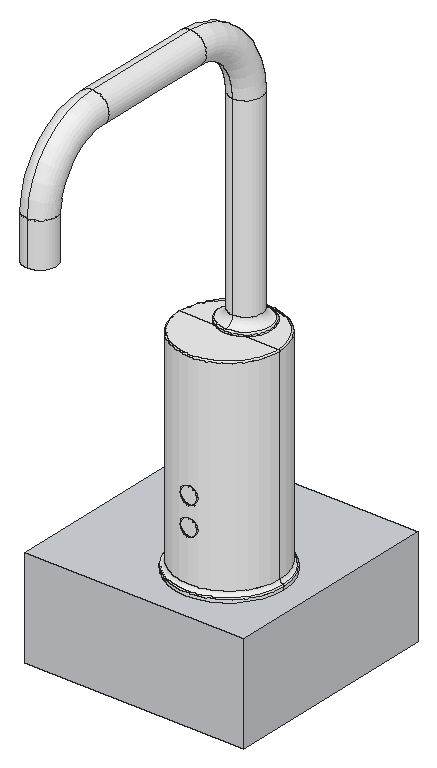
Revit family
Parameters (values of type "Chrome-Polished_Chrome-CP")
  Width = 0' - 2 5/8"
  WFU = 0
  URL = "http://www.us.kohler.com"
  Product Page URL = "http://www.us.kohler.com/onlinecatalog/detail.jsp?prod_num=13473"
  Product Documentation Link = "http://www.us.kohler.com/onlinecatalog/pdf/1108253_4.pdf"
  Model = "K-13473"  # constant formula
  Manufacturer = "Kohler"  # constant formula
  Length = 0' - 7 3/8"
  Installation = "Single-hole"  # constant formula
  Hot Water Radius = 3/16"
  Hot Water Diameter = Hot Water Radius * 2  # 3/8"
  Hot Water Connection = "Hot Water Connector"  # constant formula
  Height = 1' - 0 1/8"
  HWFU = 0
  HW Connection = yes
  Finish = Chrome-Kohler-CP-Polished
  Description = "Gooseneck Touchless deck-mount faucet"  # constant formula
  Default Elevation = 0' - 0"
  Created By = "http://medialab3dstudio.com/"
  Cold Water Radius = 3/16"
  Cold Water Diameter = Cold Water Radius * 2  # 3/8"
  Cold Water Connection = "Cold Water Connector"  # constant formula
  CWFU = 0
  CW Connection = yes
  Assembly Code = "D2010"
  ADA Compliant = yes
Types (3): name | Finish
  (no name) | Chrome-Kohler-CP-Polished
  Steel-Vibrant_Stainless-VS | Steel-Kohler-VS-Vibrant_Stainless
  Chrome-Polished_Chrome-CP | Chrome-Kohler-CP-Polished
Reference planes (in)
  plane 1 "Back": y = 0
  plane 2 "Bottom": z = 0
  plane 3 "Center (Left/Right)": x = 0
  plane 4 "Left": x = -1.3125
  plane 5 "Right": x = 1.3125
  plane 6 "Front of Base": y = -2.625
  plane 7 "Top of Spout": z = 5.13758
  plane 8: x = -1.21515
  plane 9: z = 0.19946
  plane 10: y = -0.20719
  plane 11: z = 5.41928
  plane 12: z = 5.19898
  plane 13: z = 11.74609
  plane 14: y = -6.99576
  plane 15: y = -0.81246
  plane 16: z = 5.41651
  plane 17: x = 1.39998
  plane 18: x = 1.65425
  plane 19 "Handle Right": x = 1.70461
  plane 20: x = 1.35021
  plane 21: x = 1.0625
  plane 22: z = 2.11506
  plane 23: x = 0
  plane 24: z = 2.11482
  plane 25: z = 1.42524
  plane 26: x = 0
  plane 27: z = 1.42308
  plane 28: x = 0
  plane 29: y = -2.44704
  plane 30: y = -2.52039
  plane 31 "Front": y = -7.375
  plane 32 "Top": z = 12.125
  plane 33: y = -0.81285
  plane 34: z = 0.0984
  plane 35: z = 5.19898
  plane 36: z = 2.24107
  plane 37: y = -1.34732
  plane 38: y = -1.10002
  plane 39: z = 0.0984
  plane 40: z = 5.19898
  plane 41: z = 2.24107
  plane 42: y = -1.34732
  plane 43: y = -1.10002
  plane 44: z = 9.14197
  plane 45: z = 11.36712
  plane 46: y = -0.43313
  plane 47: y = -1.19257
  plane 48: y = -6.61653
  plane 49: y = -0.09735
  plane 50: y = -2.5277
  plane 51: z = 0.0984
  plane 52: z = 0.19946
  plane 53: z = 5.1085
  plane 54: z = 5.16952
  plane 55: y = -0.19467
  plane 56: y = -1.43108
  plane 57: z = 5.41928
  plane 58: z = 10.11366
  plane 59: x = -0.49462
  plane 60: y = -1.3125
  plane 61: x = 0.49462
  plane 62: y = -1.3125
  plane 63: x = -0.37924
  plane 64: x = 0.37923
  plane 65: y = -6.99756
  plane 66: y = -2.56902
  plane 67: y = -2.56902
  plane 68: y = -1.30104
  plane 69: x = -0.37924
  plane 70: x = 0.37924
  plane 71: z = 11.74558
  plane 72: z = 5.16957
  plane 73: z = 5.10844
  plane 74: z = 0.19946
  plane 75: z = 0.07184
  plane 76: z = 5.41643
  plane 77: x = 0.59075
  plane 78: x = 0.61818
  plane 79: x = 1.18797
  plane 80: x = 1.21515
  plane 81: x = 1.29699
  plane 82: x = -0.59075
  plane 83: x = -0.61818
  plane 84: x = -1.18797
  plane 85: x = -1.21515
  plane 86: x = -1.29699
Forms (in)
  Extrusion 1, solid
    sketch origin (0, 0, 0) x (1, 0, 0) y (0, 1, 0)
      loop
        line (-3.38196, 2) -> (-3.38196, -3.24122) -> (1.88905, -3.24122) -> (1.88905, 2) -> (-3.38196, 2)
    from 0 to -2.36308
  Revolve 2, solid, material "Chrome-Kohler-CP-Polished" <- "Finish"
    sketch origin (0, -1.3125, 0) x (1, 0, 0) y (0, 0, 1)
      loop
        line (0, 0) -> (0, 5.13758) -> (-1.18617, 5.13758)
        arc (-1.18617, 5.13758) -> (-1.20666, 5.1291) -> (-1.21515, 5.10861) r 0.02898
        line (-1.21515, 5.10861) -> (-1.21515, 0.19946)
        arc (-1.21515, 0.19946) -> (-1.23864, 0.13482) -> (-1.29699, 0.0984) r 0.10547
        arc (-1.29699, 0.0984) -> (-1.30834, 0.08704) -> (-1.3125, 0.07153) r 0.03103
        line (-1.3125, 0.07153) -> (-1.3125, 0) -> (0, 0)
      axis (0, 5.13758) -> (0, 0)
    angle from 0 to 360
  Revolve 3, solid, material "Chrome-Kohler-CP-Polished" <- "Finish"
    sketch origin (0, -0.87954, 0) x (0, -1, 0) y (0, 0, 1)
      loop
        line (-0.18173, 5.13758) -> (-0.18173, 5.41928) -> (-0.44641, 5.41928)
        arc (-0.44641, 5.41928) -> (-0.50901, 5.26802) -> (-0.65744, 5.19898) r 0.22547
        arc (-0.65744, 5.19898) -> (-0.67695, 5.18967) -> (-0.68487, 5.16956) r 0.02949
        line (-0.68487, 5.16956) -> (-0.68487, 5.13758) -> (-0.18173, 5.13758)
      axis (-0.06669, 5.41928) -> (-0.06669, 5.13758)
    angle from 0 to 360
  Sweep 4, solid, material "Chrome-Kohler-CP-Polished" <- "Finish"
    path origin (0, 0.00468, 0) x (0, 1, 0) y (0, 0, 1)
      loop
        line (-0.81714, 5.41651) -> (-0.81714, 10.08672)
        arc (-0.81714, 10.08672) -> (-1.30315, 11.26008) -> (-2.47651, 11.74609) r 1.65937
        line (-2.47651, 11.74609) -> (-5.41231, 11.74609)
        arc (-5.41231, 11.74609) -> (-6.51854, 11.29773) -> (-7.00044, 10.2057) r 1.58887
        line (-7.00044, 10.2057) -> (-7.00044, 9.14197)
    profile origin (0, -0.81246, 7.75162) x (0, -1, 0) y (1, 0, 0)
      loop
        circle (0, 0) r 0.37923
  Extrusion 5, void
    sketch origin (0, 0, 0) x (1, 0, 0) y (0, 0, 1)
      loop
        arc (-0.21742, 2.11482) -> (-0.15374, 1.96108) -> (0, 1.8974) r 0.21742
        arc (0, 1.8974) -> (0.15374, 1.96108) -> (0.21742, 2.11482) r 0.21742
        arc (0.21742, 2.11482) -> (0.15374, 2.26855) -> (0, 2.33223) r 0.21742
        arc (0, 2.33223) -> (-0.15374, 2.26855) -> (-0.21742, 2.11482) r 0.21742
    from 2.44704 to 2.56902
  Extrusion 6, void
    sketch origin (0, 0, -0.69173) x (1, 0, 0) y (0, 0, 1)
      loop
        arc (-0.21742, 2.11482) -> (-0.15374, 1.96108) -> (0, 1.8974) r 0.21742
        arc (0, 1.8974) -> (0.15374, 1.96108) -> (0.21742, 2.11482) r 0.21742
        arc (0.21742, 2.11482) -> (0.15374, 2.26855) -> (0, 2.33223) r 0.21742
        arc (0, 2.33223) -> (-0.15374, 2.26855) -> (-0.21742, 2.11482) r 0.21742
    from 2.44704 to 2.56902
  Extrusion 7, solid, material "Chrome-Kohler-CP-Polished" <- "Finish"
    sketch origin (0, 0, 0) x (1, 0, 0) y (0, 0, 1)
      loop
        arc (-0.18898, 2.11506) -> (-0.13363, 1.98143) -> (0, 1.92608) r 0.18898
        arc (0, 1.92608) -> (0.13363, 1.98143) -> (0.18898, 2.11506) r 0.18898
        arc (0.18898, 2.11506) -> (0.13363, 2.24869) -> (0, 2.30404) r 0.18898
        arc (0, 2.30404) -> (-0.13363, 2.24869) -> (-0.18898, 2.11506) r 0.18898
    from 2.44704 to 2.52039
  Extrusion 8, solid, material "Chrome-Kohler-CP-Polished" <- "Finish"
    sketch origin (0, 0, -0.68982) x (1, 0, 0) y (0, 0, 1)
      loop
        arc (-0.18898, 2.11506) -> (-0.13363, 1.98143) -> (0, 1.92608) r 0.18898
        arc (0, 1.92608) -> (0.13363, 1.98143) -> (0.18898, 2.11506) r 0.18898
        arc (0.18898, 2.11506) -> (0.13363, 2.24869) -> (0, 2.30404) r 0.18898
        arc (0, 2.30404) -> (-0.13363, 2.24869) -> (-0.18898, 2.11506) r 0.18898
    from 2.44704 to 2.52039
  Extrusion 9, void
    sketch origin (0.49462, 0.17828, 0) x (1, 0, 0) y (0, 1, 0)
      loop
        circle (0, -1.49078) r 0.1875
    from 0 to 0.0984
  Extrusion 10, void
    sketch origin (-0.49462, 0.17828, 0) x (1, 0, 0) y (0, 1, 0)
      loop
        circle (0, -1.49078) r 0.1875
    from 0 to 0.0984
Cuts and joins
  Extrusion 5, Extrusion 6, Extrusion 9, Extrusion 10 cuts Revolve 2
  joined: Revolve 2, Revolve 3, Extrusion 7, Extrusion 8
Lines and regions (in)
  Masking region 1, detail levels coarse
    outline origin (0, 0, 0) x (1, 0, 0) y (0, 1, 0)
      loop
        line (-1.3125, 0) -> (-1.3125, -7.375) -> (1.3125, -7.375) -> (1.3125, 0) -> (-1.3125, 0)
  Masking region 2, detail levels medium+fine
    outline origin (0, 0, 0) x (1, 0, 0) y (0, 1, 0)
      loop
        line (-0.37924, -2.56902) -> (-0.37924, -6.99756)
        arc (-0.37924, -6.99756) -> (0, -7.37679) -> (0.37923, -6.99756) r 0.37923
        line (0.37923, -6.99756) -> (0.37923, -2.56902)
        arc (0.37923, -2.56902) -> (0, 0) -> (-0.37924, -2.56902) r 1.3125
  Masking region 3, detail levels coarse
    outline origin (0, 0, 0) x (1, 0, 0) y (0, 0, 1)
      loop
        line (-1.3125, 12.125) -> (-1.3125, 0) -> (1.3125, 0) -> (1.3125, 12.125) -> (-1.3125, 12.125)
  Masking region 4, detail levels coarse
    outline origin (0, 0, 0) x (0, 1, 0) y (0, 0, 1)
      loop
        line (0, 12.125) -> (-7.375, 12.125) -> (-7.375, 0) -> (0, 0) -> (0, 12.125)
  Masking region 5, detail levels medium+fine
    outline origin (0, 0, 0) x (0, 1, 0) y (0, 0, 1)
      loop
        line (0, 0) -> (0, 0.07182)
        arc (0, 0.07182) -> (-0.00416, 0.08721) -> (-0.01551, 0.0984) r 0.03053
        arc (-0.01551, 0.0984) -> (-0.07358, 0.13504) -> (-0.09735, 0.19946) r 0.10682
        line (-0.09735, 0.19946) -> (-0.09735, 5.10856)
        arc (-0.09735, 5.10856) -> (-0.10585, 5.12908) -> (-0.12637, 5.13758) r 0.02902
        line (-0.12637, 5.13758) -> (-0.19467, 5.13758) -> (-0.19467, 5.16952)
        arc (-0.19467, 5.16952) -> (-0.20259, 5.18961) -> (-0.2221, 5.19889) r 0.02944
        arc (-0.2221, 5.19889) -> (-0.37025, 5.26819) -> (-0.43313, 5.41918) r 0.22654
        line (-0.43313, 5.41918) -> (-0.43313, 10.10196)
        arc (-0.43313, 10.10196) -> (-1.02567, 11.53247) -> (-2.45617, 12.125) r 2.02304
        line (-2.45617, 12.125) -> (-5.44685, 12.125)
        arc (-5.44685, 12.125) -> (-6.81026, 11.56026) -> (-7.375, 10.19685) r 1.92815
        line (-7.375, 10.19685) -> (-7.375, 9.14197) -> (-6.61653, 9.14197) -> (-6.61653, 10.19952)
        arc (-6.61653, 10.19952) -> (-6.24709, 11.02678) -> (-5.40744, 11.36712) r 1.21266
        line (-5.40744, 11.36712) -> (-2.48041, 11.36712)
        arc (-2.48041, 11.36712) -> (-1.58184, 11.00202) -> (-1.19257, 10.11366) r 1.28831
        line (-1.19257, 10.11366) -> (-1.19257, 5.41928)
        arc (-1.19257, 5.41928) -> (-1.25533, 5.26817) -> (-1.4036, 5.19898) r 0.22606
        arc (-1.4036, 5.19898) -> (-1.42317, 5.18969) -> (-1.43108, 5.16952) r 0.02943
        line (-1.43108, 5.16952) -> (-1.43108, 5.13758) -> (-2.49862, 5.13758)
        arc (-2.49862, 5.13758) -> (-2.51919, 5.12907) -> (-2.5277, 5.1085) r 0.02908
        line (-2.5277, 5.1085) -> (-2.5277, 0.19941)
        arc (-2.5277, 0.19941) -> (-2.55179, 0.1353) -> (-2.60949, 0.0984) r 0.10846
        arc (-2.60949, 0.0984) -> (-2.621, 0.08713) -> (-2.625, 0.07153) r 0.02993
        line (-2.625, 0.07153) -> (-2.625, 0) -> (0, 0)
  Masking region 6
    outline origin (0, 0, 0) x (1, 0, 0) y (0, 0, 1)
      loop
        line (-1.3125, 0) -> (1.3125, 0) -> (1.3125, 0.07184)
        arc (1.3125, 0.07184) -> (1.30834, 0.08722) -> (1.29699, 0.0984) r 0.0305
        arc (1.29699, 0.0984) -> (1.23841, 0.13463) -> (1.21515, 0.19946) r 0.10437
        line (1.21515, 0.19946) -> (1.21515, 5.10844)
        arc (1.21515, 5.10844) -> (1.2073, 5.12837) -> (1.18797, 5.13758) r 0.02921
        line (1.18797, 5.13758) -> (0.61818, 5.13758) -> (0.61818, 5.16957)
        arc (0.61818, 5.16957) -> (0.61026, 5.18968) -> (0.59075, 5.19898) r 0.02949
        arc (0.59075, 5.19898) -> (0.44347, 5.26731) -> (0.37924, 5.41643) r 0.22753
        line (0.37924, 5.41643) -> (0.37924, 11.74558)
        arc (0.37924, 11.74558) -> (0, 12.12481) -> (-0.37924, 11.74558) r 0.37924
        line (-0.37924, 11.74558) -> (-0.37924, 5.41643)
        arc (-0.37924, 5.41643) -> (-0.44347, 5.26731) -> (-0.59075, 5.19898) r 0.22753
        arc (-0.59075, 5.19898) -> (-0.61026, 5.18968) -> (-0.61818, 5.16957) r 0.02949
        line (-0.61818, 5.16957) -> (-0.61818, 5.13758) -> (-1.18797, 5.13758)
        arc (-1.18797, 5.13758) -> (-1.2073, 5.12837) -> (-1.21515, 5.10844) r 0.02921
        line (-1.21515, 5.10844) -> (-1.21515, 0.19946)
        arc (-1.21515, 0.19946) -> (-1.23841, 0.13463) -> (-1.29699, 0.0984) r 0.10437
        arc (-1.29699, 0.0984) -> (-1.30834, 0.08722) -> (-1.3125, 0.07184) r 0.0305
        line (-1.3125, 0.07184) -> (-1.3125, 0)
  symbolic lines, style "PlumbingFixturesHiddenLines", detail levels fine
    curve 1: arc (0.21742, 0, 2.11482) -> (0.15374, 0, 2.26855) -> (0, 0, 2.33223) r 0.21742
    curve 2: arc (0, 0, 1.8974) -> (0.15374, 0, 1.96108) -> (0.21742, 0, 2.11482) r 0.21742
    curve 3: arc (-0.21742, 0, 2.11482) -> (-0.15374, 0, 1.96108) -> (0, 0, 1.8974) r 0.21742
    curve 4: arc (0, 0, 2.33223) -> (-0.15374, 0, 2.26855) -> (-0.21742, 0, 2.11482) r 0.21742
    curve 5: arc (0, 0, 2.30404) -> (-0.13363, 0, 2.24869) -> (-0.18898, 0, 2.11506) r 0.18898
    curve 6: arc (0.18898, 0, 2.11506) -> (0.13363, 0, 2.24869) -> (0, 0, 2.30404) r 0.18898
    curve 7: arc (0, 0, 1.92608) -> (0.13363, 0, 1.98143) -> (0.18898, 0, 2.11506) r 0.18898
    curve 8: arc (-0.18898, 0, 2.11506) -> (-0.13363, 0, 1.98143) -> (0, 0, 1.92608) r 0.18898
    curve 9: arc (0.21742, 0, 1.42308) -> (0.15374, 0, 1.57682) -> (0, 0, 1.6405) r 0.21742
    curve 10: arc (0, 0, 1.20567) -> (0.15374, 0, 1.26935) -> (0.21742, 0, 1.42308) r 0.21742
    curve 11: arc (-0.21742, 0, 1.42308) -> (-0.15374, 0, 1.26935) -> (0, 0, 1.20567) r 0.21742
    curve 12: arc (0, 0, 1.6405) -> (-0.15374, 0, 1.57682) -> (-0.21742, 0, 1.42308) r 0.21742
    curve 13: arc (0, 0, 1.61422) -> (-0.13363, 0, 1.55887) -> (-0.18898, 0, 1.42524) r 0.18898
    curve 14: arc (0.18898, 0, 1.42524) -> (0.13363, 0, 1.55887) -> (0, 0, 1.61422) r 0.18898
    curve 15: arc (0, 0, 1.23626) -> (0.13363, 0, 1.29161) -> (0.18898, 0, 1.42524) r 0.18898
    curve 16: arc (-0.18898, 0, 1.42524) -> (-0.13363, 0, 1.29161) -> (0, 0, 1.23626) r 0.18898
    curve 17: line (-0.59826, 0, 5.13758) -> (0.59825, 0, 5.13758)
    curve 18: line (-0.37923, 0, 9.14197) -> (0.37923, 0, 9.14197)
  symbolic lines, style "PlumbingFixturesHiddenLines", not visible, detail levels fine
    curve 19: arc (0.21742, 0, 2.11482) -> (0.15374, 0, 2.26855) -> (0, 0, 2.33223) r 0.21742
    curve 20: arc (0, 0, 1.8974) -> (0.15374, 0, 1.96108) -> (0.21742, 0, 2.11482) r 0.21742
    curve 21: arc (-0.21742, 0, 2.11482) -> (-0.15374, 0, 1.96108) -> (0, 0, 1.8974) r 0.21742
    curve 22: arc (0, 0, 2.33223) -> (-0.15374, 0, 2.26855) -> (-0.21742, 0, 2.11482) r 0.21742
    curve 23: arc (0, 0, 2.30404) -> (-0.13363, 0, 2.24869) -> (-0.18898, 0, 2.11506) r 0.18898
    curve 24: arc (0.18898, 0, 2.11506) -> (0.13363, 0, 2.24869) -> (0, 0, 2.30404) r 0.18898
    curve 25: arc (0, 0, 1.92608) -> (0.13363, 0, 1.98143) -> (0.18898, 0, 2.11506) r 0.18898
    curve 26: arc (-0.18898, 0, 2.11506) -> (-0.13363, 0, 1.98143) -> (0, 0, 1.92608) r 0.18898
    curve 27: arc (0.21742, 0, 1.42308) -> (0.15374, 0, 1.57682) -> (0, 0, 1.6405) r 0.21742
    curve 28: arc (0, 0, 1.20567) -> (0.15374, 0, 1.26935) -> (0.21742, 0, 1.42308) r 0.21742
    curve 29: arc (-0.21742, 0, 1.42308) -> (-0.15374, 0, 1.26935) -> (0, 0, 1.20567) r 0.21742
    curve 30: arc (0, 0, 1.6405) -> (-0.15374, 0, 1.57682) -> (-0.21742, 0, 1.42308) r 0.21742
    curve 31: arc (0, 0, 1.61422) -> (-0.13363, 0, 1.55887) -> (-0.18898, 0, 1.42524) r 0.18898
    curve 32: arc (0.18898, 0, 1.42524) -> (0.13363, 0, 1.55887) -> (0, 0, 1.61422) r 0.18898
    curve 33: arc (0, 0, 1.23626) -> (0.13363, 0, 1.29161) -> (0.18898, 0, 1.42524) r 0.18898
    curve 34: arc (-0.18898, 0, 1.42524) -> (-0.13363, 0, 1.29161) -> (0, 0, 1.23626) r 0.18898
    curve 35: line (-0.59826, 0, 5.13758) -> (0.59825, 0, 5.13758)
    curve 36: line (-0.37923, 0, 9.14197) -> (0.37923, 0, 9.14197)
  symbolic lines, style "Masking Lines", detail levels fine
    curve 37: line (0, -0.2221, 5.19898) -> (0, -1.4036, 5.19898)
    curve 38: line (0, -0.01551, 0.0984) -> (0, -2.60949, 0.0984)
    curve 41: line (-0.37924, -2.56902, 0) -> (-0.37924, -1.30104, 0)
    curve 42: line (0.37924, -1.30104, 0) -> (0.37924, -2.56902, 0)
    curve 43: arc (-0.37924, -1.30104, 0) -> (-0.58478, -0.6124, 0) -> (0, -0.19467, 0) r 0.61818
    curve 44: arc (0, -0.19467, 0) -> (0.58478, -0.6124, 0) -> (0.37924, -1.30104, 0) r 0.61818
  symbolic lines, style "Masking Lines", not visible, detail levels fine
    curve 39: line (0, -0.2221, 5.19898) -> (0, -1.4036, 5.19898)
    curve 40: line (0, -0.01551, 0.0984) -> (0, -2.60949, 0.0984)
Dimensions and locks (in)
  equal spacing: plane 4 "Left", plane 3 "Center (Left/Right)", plane 5 "Right"
  locked: plane 4 "Left" to plane 8 at 0.09735
  locked: plane 9 to plane 2 "Bottom" at 0.19946
  plane 1 "Back" to plane 15 = 0' - 0.81246"
  locked: plane 5 "Right" to plane 21 at 0.25
  plane 19 "Handle Right" to plane 18 to plane 17 to plane 20 to plane 5 "Right" = 0' - 0.05036" locked, 0' - 0.25428" locked, 0' - 0.04977" locked, 0' - 0.03771" locked
  locked: plane 26 to plane 4 "Left" at 1.3125
  locked: plane 25 to plane 2 "Bottom" at 1.42524
  locked: plane 27 to plane 2 "Bottom" at 1.42308
  locked: plane 28 to plane 4 "Left" at 1.3125
  locked: plane 6 "Front of Base" to plane 30 at 0.10461
  locked: plane 30 to plane 29 at 0.07335
  "Length": plane 1 "Back" to plane 31 "Front"
  locked: plane 7 "Top of Spout" to plane 2 "Bottom" at 5.13758
  "Height": plane 32 "Top" to level
  locked: plane 13 to plane 32 "Top" at 0.37891
  locked: plane 16 to plane 7 "Top of Spout" at 0.27893
  locked: plane 1 "Back" to plane 15 at 0.81246
  locked: plane 15 to plane 14 at 6.1833
  "Width": plane 4 "Left" to plane 5 "Right"
  plane 11 to plane 12 to plane 7 "Top of Spout" = 0' - 0.2203" locked, 0' - 0.0614" locked
  plane 1 "Back" to plane 10 to plane 33 = 0' - 0.20719" locked, 0' - 0.60566" locked
  locked: plane 34 to plane 2 "Bottom" at 0.0984
  locked: plane 34 to plane 36 at 2.14267
  locked: plane 36 to plane 35 at 2.95791
  locked: plane 1 "Back" to plane 38 at 1.10002
  locked: plane 38 to plane 37 at 0.2473
  locked: plane 37 to plane 6 "Front of Base" at 1.27768
  plane 1 "Back" to plane 49 to plane 55 to plane 46 to plane 47 to plane 56 to plane 50 to plane 48 = 0' - 0.09735" locked, 0' - 0.09732" locked, 0' - 0.23846" locked, 0' - 0.75944" locked, 0' - 0.2385" locked, 0' - 1.09662" locked, 0' - 4.08883" locked
  plane 45 to plane 58 to plane 44 to plane 57 to plane 54 to plane 53 to plane 52 to plane 51 to Extrusion 1 = 0' - 1.25345" locked, 0' - 0.97169" locked, 0' - 3.7227" locked, 0' - 0.24976" locked, 0' - 0.06101" locked, 0' - 4.90905" locked, 0' - 0.10106" locked, 0' - 0.0984" locked
  locked: plane 59 to plane 3 "Center (Left/Right)" at 0.49462
  locked: plane 60 to plane 37 at 0.03482
  plane 81 to plane 80 to plane 79 to plane 78 to plane 77 to plane 3 "Center (Left/Right)" to plane 82 to plane 83 to plane 84 to plane 85 to plane 86 = 0' - 0.08184" locked, 0' - 0.02718" locked, 0' - 0.56979" locked, 0' - 0.02744" locked, 0' - 0.59075" locked, 0' - 0.59075" locked, 0' - 0.02744" locked, 0' - 0.56979" locked, 0' - 0.02718" locked, 0' - 0.08184" locked
  plane 71 to plane 76 to plane 72 to plane 73 to plane 74 to plane 75 to plane 2 "Bottom" = 0' - 6.32915" locked, 0' - 0.24686" locked, 0' - 0.06113" locked, 0' - 4.90898" locked, 0' - 0.12762" locked, 0' - 0.07184" locked
  radius of Revolve 2 sketch curve = 0' - 0.03103"
  radius of Revolve 2 sketch curve = 0' - 0 27/256"
  "Hot Water Radius": radius of Extrusion 10 sketch curve
  "Cold Water Radius": radius of Extrusion 9 sketch curve
  radius of Masking region 2 sketch curve = 0' - 0.37923"
  radius of Masking region 2 sketch curve = 0' - 1 5/16"
  radius of curve 43 = 0' - 0.61818"
  aligned and locked: plane 2 "Bottom" to Extrusion 1
  aligned and locked: level to Extrusion 1
  aligned and locked: plane 4 "Left" to Revolve 2 sketch curve  (x2)
  aligned and locked: Revolve 2 sketch curve to plane 3 "Center (Left/Right)"
  aligned and locked: plane 2 "Bottom" to Revolve 2 sketch curve
  aligned and locked: Revolve 2 sketch curve to plane 7 "Top of Spout"
  aligned and locked: Revolve 2 sketch curve to plane 8
  aligned and locked: plane 9 to Revolve 2 sketch curve
  aligned and locked: plane 3 "Center (Left/Right)" to cut or joined group of Revolve 2, Revolve 3, Extrusion 5, Extrusion 6, Extrusion 7, Extrusion 8, Extrusion 9, Extrusion 10
  aligned and locked: plane 7 "Top of Spout" to Revolve 3 sketch curve
  aligned and locked: plane 12 to Revolve 3 sketch curve
  aligned and locked: plane 13 to Sweep 4 sketch curve
  aligned and locked: Sweep 4 sketch curve to plane 15
  aligned and locked: plane 16 to Sweep 4 sketch curve
  aligned and locked: plane 23 to Extrusion 7 sketch curve  (x2)
  aligned and locked: plane 22 to Extrusion 7 sketch curve  (x2)
  aligned and locked: plane 3 "Center (Left/Right)" to Extrusion 5 sketch curve  (x2)
  aligned and locked: plane 24 to Extrusion 5 sketch curve  (x2)
  aligned and locked: plane 26 to Extrusion 8 sketch curve  (x2)
  aligned and locked: plane 25 to Extrusion 8 sketch curve  (x2)
  aligned and locked: plane 27 to Extrusion 6 sketch curve  (x2)
  aligned and locked: plane 28 to Extrusion 6 sketch curve  (x2)
  aligned and locked: plane 30 to cut or joined group of Revolve 2, Revolve 3, Extrusion 5, Extrusion 6, Extrusion 7, Extrusion 8, Extrusion 9, Extrusion 10  (x2)
  aligned and locked: plane 31 "Front" to Sweep 4  (x2)
  aligned and locked: plane 1 "Back" to Masking region 1 sketch curve
  aligned and locked: plane 31 "Front" to Masking region 1 sketch curve
  aligned and locked: plane 4 "Left" to Masking region 1 sketch curve
  aligned and locked: Masking region 2 sketch curve to cut or joined group of Revolve 2, Revolve 3, Extrusion 5, Extrusion 6, Extrusion 7, Extrusion 8, Extrusion 9, Extrusion 10
  aligned and locked: plane 32 "Top" to Masking region 3 sketch curve
  aligned and locked: plane 2 "Bottom" to Masking region 3 sketch curve
  aligned and locked: plane 4 "Left" to Masking region 3 sketch curve
  aligned and locked: curve 5 to cut or joined group of Revolve 2, Revolve 3, Extrusion 5, Extrusion 6, Extrusion 7, Extrusion 8, Extrusion 9, Extrusion 10
  aligned and locked: curve 6 to cut or joined group of Revolve 2, Revolve 3, Extrusion 5, Extrusion 6, Extrusion 7, Extrusion 8, Extrusion 9, Extrusion 10
  aligned and locked: curve 7 to cut or joined group of Revolve 2, Revolve 3, Extrusion 5, Extrusion 6, Extrusion 7, Extrusion 8, Extrusion 9, Extrusion 10
  aligned and locked: curve 8 to cut or joined group of Revolve 2, Revolve 3, Extrusion 5, Extrusion 6, Extrusion 7, Extrusion 8, Extrusion 9, Extrusion 10
  aligned and locked: curve 13 to cut or joined group of Revolve 2, Revolve 3, Extrusion 5, Extrusion 6, Extrusion 7, Extrusion 8, Extrusion 9, Extrusion 10
  aligned and locked: curve 14 to cut or joined group of Revolve 2, Revolve 3, Extrusion 5, Extrusion 6, Extrusion 7, Extrusion 8, Extrusion 9, Extrusion 10
  aligned and locked: curve 15 to cut or joined group of Revolve 2, Revolve 3, Extrusion 5, Extrusion 6, Extrusion 7, Extrusion 8, Extrusion 9, Extrusion 10
  aligned and locked: curve 16 to cut or joined group of Revolve 2, Revolve 3, Extrusion 5, Extrusion 6, Extrusion 7, Extrusion 8, Extrusion 9, Extrusion 10
  aligned and locked: plane 32 "Top" to Masking region 4 sketch curve
  aligned and locked: plane 31 "Front" to Masking region 4 sketch curve
  aligned and locked: plane 2 "Bottom" to Masking region 4 sketch curve
  aligned and locked: plane 1 "Back" to Masking region 4 sketch curve
  aligned and locked: plane 33 to Revolve 3 sketch curve
  aligned and locked: plane 11 to Revolve 3 sketch curve
  aligned and locked: plane 34 to curve 38
  aligned and locked: plane 35 to cut or joined group of Revolve 2, Revolve 3, Extrusion 5, Extrusion 6, Extrusion 7, Extrusion 8, Extrusion 9, Extrusion 10
  aligned and locked: plane 39 to curve 40
  aligned and locked: plane 2 "Bottom" to Masking region 5 sketch curve
  aligned and locked: plane 1 "Back" to Masking region 5 sketch curve
  aligned and locked: plane 6 "Front of Base" to Masking region 5 sketch curve
  aligned and locked: Masking region 5 sketch curve to plane 7 "Top of Spout"  (x2)
  aligned and locked: plane 44 to Masking region 5 sketch curve
  aligned and locked: plane 45 to Masking region 5 sketch curve
  aligned and locked: plane 32 "Top" to Masking region 5 sketch curve
  aligned and locked: Masking region 5 sketch curve to plane 46
  aligned and locked: plane 47 to Masking region 5 sketch curve
  aligned and locked: plane 48 to Masking region 5 sketch curve
  aligned and locked: plane 31 "Front" to Masking region 5 sketch curve
  aligned and locked: plane 49 to Masking region 5 sketch curve
  aligned and locked: plane 50 to Masking region 5 sketch curve
  aligned and locked: plane 51 to curve 38
  aligned and locked: plane 51 to Masking region 5 sketch curve  (x2)
  aligned and locked: plane 52 to Masking region 5 sketch curve
  aligned and locked: plane 53 to Masking region 5 sketch curve
  aligned and locked: plane 54 to Masking region 5 sketch curve  (x2)
  aligned and locked: Masking region 5 sketch curve to plane 55
  aligned and locked: plane 56 to Masking region 5 sketch curve
  aligned and locked: plane 57 to Masking region 5 sketch curve
  aligned and locked: plane 58 to Masking region 5 sketch curve
  aligned and locked: Masking region 3 sketch curve to plane 5 "Right"
  aligned and locked: Masking region 1 sketch curve to plane 5 "Right"
  aligned and locked: cut or joined group of Revolve 2, Revolve 3, Extrusion 5, Extrusion 6, Extrusion 7, Extrusion 8, Extrusion 9, Extrusion 10 to plane 34  (x2)
  aligned and locked: Masking region 2 sketch curve to plane 64
  aligned and locked: plane 63 to Masking region 2 sketch curve
  aligned and locked: plane 65 to Masking region 2 sketch curve  (x2)
  aligned and locked: plane 66 to Masking region 2 sketch curve
  aligned and locked: plane 3 "Center (Left/Right)" to Sweep 4
  aligned and locked: plane 67 to Masking region 2
  aligned and locked: plane 67 to curve 41
  aligned and locked: plane 67 to curve 42
  aligned and locked: plane 70 to curve 42
  aligned and locked: curve 41 to plane 69
  aligned and locked: plane 69 to curve 43
  aligned and locked: plane 68 to curve 43
  aligned and locked: plane 68 to curve 44
  aligned and locked: plane 67 to Extrusion 6
  aligned and locked: plane 67 to Extrusion 5
  aligned and locked: Masking region 6 sketch curve to cut or joined group of Revolve 2, Revolve 3, Extrusion 5, Extrusion 6, Extrusion 7, Extrusion 8, Extrusion 9, Extrusion 10
  aligned and locked: Masking region 6 sketch curve to plane 69
  aligned and locked: Masking region 6 sketch curve to plane 70
  aligned and locked: plane 71 to Masking region 6 sketch curve  (x2)
  aligned and locked: plane 76 to Masking region 6 sketch curve  (x2)
  aligned and locked: plane 35 to Masking region 6 sketch curve  (x3)
  aligned and locked: plane 70 to Masking region 6 sketch curve
  aligned and locked: plane 69 to Masking region 6 sketch curve
  aligned and locked: plane 77 to Masking region 6 sketch curve
  aligned and locked: Masking region 6 sketch curve to plane 78
  aligned and locked: plane 72 to Masking region 6 sketch curve  (x2)
  aligned and locked: plane 78 to Masking region 6 sketch curve
  aligned and locked: plane 79 to Masking region 6 sketch curve
  aligned and locked: plane 7 "Top of Spout" to Masking region 6 sketch curve  (x2)
  aligned and locked: plane 80 to Masking region 6 sketch curve  (x2)
  aligned and locked: plane 73 to Masking region 6 sketch curve  (x2)
  aligned and locked: plane 74 to Masking region 6 sketch curve  (x2)
  aligned and locked: plane 34 to Masking region 6 sketch curve  (x2)
  aligned and locked: plane 81 to Masking region 6 sketch curve
  aligned and locked: plane 75 to Masking region 6 sketch curve  (x2)
  aligned and locked: plane 5 "Right" to Masking region 6 sketch curve  (x2)
  aligned and locked: plane 4 "Left" to Masking region 6 sketch curve  (x2)
  aligned and locked: plane 86 to Masking region 6 sketch curve
  aligned and locked: plane 85 to Masking region 6 sketch curve  (x2)
  aligned and locked: plane 84 to Masking region 6 sketch curve
  aligned and locked: plane 83 to Masking region 6 sketch curve
  aligned and locked: plane 82 to Masking region 6 sketch curve
Automatic sketch dimensions
  Extrusion 1 sketch curve to Extrusion 1 sketch curve = 0' - 5.27101"
  Extrusion 1 sketch curve to Extrusion 1 sketch curve = 0' - 5.24122"
  Sweep 4 sketch curve to Sweep 4 sketch curve = 0' - 1.58813"
  plane 6 "Front of Base" to Sweep 4 sketch curve = 0' - 0.15317"
  plane 7 "Top of Spout" to Sweep 4 sketch curve = 0' - 4.00439"
  Sweep 4 sketch curve to Sweep 4 sketch curve = 0' - 1.58887"
  Sweep 4 sketch curve to plane 3 "Center (Left/Right)" = 0' - 0"
  Sweep 4 sketch curve to profile plane = 0' - 0"
  Extrusion 7 sketch curve to Extrusion 7 sketch curve = 0' - 0.18898"
  Extrusion 5 sketch curve to plane 3 "Center (Left/Right)" = 0' - 0.21742"
  Extrusion 8 sketch curve to Extrusion 8 sketch curve = 0' - 0.18898"
  Extrusion 6 sketch curve to plane 3 "Center (Left/Right)" = 0' - 0.21742"
  Sweep 4 sketch curve to plane 14 = 0' - 0"
  Revolve 2 sketch curve to level = 0' - 0"  (x2)
  Revolve 2 sketch curve to plane 3 "Center (Left/Right)" = 0' - 0"
  Revolve 2 sketch curve to plane 7 "Top of Spout" = 0' - 0"
  Revolve 2 sketch curve to plane 9 = 0' - 0.00173"
  plane 4 "Left" to Revolve 2 sketch curve = 0' - 0.01551"
  Revolve 2 sketch curve to plane 8 = 0' - 0.02898"
  curve 5 to curve 7 = 0' - 0"  (x3)
  curve 15 to curve 16 = 0' - 0"  (x3)
  curve 17 to curve 18 = 0' - 0.21903"
  curve 17 to curve 11 = 0' - 0.38084"
  curve 3 to curve 11 = 0' - 0"
  curve 3 to curve 8 = 0' - 0.02843"
  curve 11 to curve 13 = 0' - 0.02843"
  curve 5 to curve 4 = 0' - 0.18898"
  curve 5 to curve 1 = 0' - 0"
  curve 16 to curve 16 = 0' - 0.18898"
  curve 13 to curve 9 = 0' - 0"
  curve 18 to curve 18 = 0' - 0.75846"
  curve 17 to curve 17 = 0' - 1.19651"
  curve 11 to curve 16 = 0' - 0.03059"
  curve 12 to curve 3 = 0' - 0.2569"
  curve 3 to curve 8 = 0' - 0.02868"
  curve 4 to curve 17 = 0' - 2.80535"
  curve 17 to curve 18 = 0' - 4.00439"
  curve 23 to curve 25 = 0' - 0"  (x3)
  curve 33 to curve 34 = 0' - 0"  (x3)
  curve 35 to curve 36 = 0' - 0.21903"
  curve 35 to curve 29 = 0' - 0.38084"
  curve 21 to curve 29 = 0' - 0"
  curve 21 to curve 26 = 0' - 0.02843"
  curve 29 to curve 31 = 0' - 0.02843"
  curve 23 to curve 22 = 0' - 0.18898"
  curve 23 to curve 19 = 0' - 0"
  curve 34 to curve 34 = 0' - 0.18898"
  curve 31 to curve 27 = 0' - 0"
  curve 36 to curve 36 = 0' - 0.75846"
  curve 35 to curve 35 = 0' - 1.19651"
  curve 29 to curve 34 = 0' - 0.03059"
  curve 30 to curve 21 = 0' - 0.2569"
  curve 21 to curve 26 = 0' - 0.02868"
  curve 22 to curve 35 = 0' - 2.80535"
  curve 35 to curve 36 = 0' - 4.00439"
  plane 11 to Revolve 3 sketch curve = 0' - 0"
  Revolve 3 sketch curve to plane 7 "Top of Spout" = 0' - 0"
  plane 10 to Revolve 3 sketch curve = 0' - 0.01252"
  Revolve 3 sketch curve to plane 10 = 0' - 0.00051"
  Revolve 3 sketch curve to plane 10 = 0' - 0.01491"
  Revolve 3 sketch curve to plane 10 = 0' - 0.01697"
  Revolve 3 sketch curve to Revolve 3 sketch curve = 0' - 0.22543"
  Revolve 3 sketch curve to Revolve 3 sketch curve = 0' - 0.11504"
  plane 35 to Masking region 5 sketch curve = 0' - 0"  (x2)
  plane 35 to Masking region 5 sketch curve = 0' - 0.00009"  (x2)
  Masking region 5 sketch curve to Masking region 5 sketch curve = 0' - 0.0394"
  Masking region 5 sketch curve to Masking region 5 sketch curve = 0' - 0.04214"
  Masking region 5 sketch curve to plane 6 "Front of Base" = 0' - 0.01109"
  plane 6 "Front of Base" to Masking region 5 sketch curve = 0' - 0.01551"
  plane 34 to Masking region 5 sketch curve = 0' - 0.02623"
  Masking region 5 sketch curve to Masking region 5 sketch curve = 0' - 0.0144"
  plane 29 to Masking region 5 sketch curve = 0' - 0.00913"
  Masking region 5 sketch curve to Masking region 5 sketch curve = 0' - 0.02748"
  Masking region 5 sketch curve to Masking region 5 sketch curve = 0' - 0.00195"
  Masking region 5 sketch curve to plane 35 = 0' - 0.2202"
  Masking region 5 sketch curve to Masking region 5 sketch curve = 0' - 0.00201"
  Masking region 5 sketch curve to Masking region 5 sketch curve = 0' - 0.02902"
  plane 34 to Masking region 5 sketch curve = 0' - 0.02658"
  plane 1 "Back" to Masking region 5 sketch curve = 0' - 0.03053"
  Masking region 5 sketch curve to plane 1 "Back" = 0' - 0.00944"
  Masking region 5 sketch curve to plane 34 = 0' - 0.10101"
  Masking region 5 sketch curve to Masking region 5 sketch curve = 0' - 1.05488"
  Masking region 5 sketch curve to Masking region 5 sketch curve = 0' - 0.02315"
  Masking region 5 sketch curve to Masking region 5 sketch curve = 0' - 0.04238"
  plane 34 to curve 38 = 0' - 0"
  plane 35 to curve 37 = 0' - 0"
  curve 37 to plane 37 = 0' - 0.05628"
  curve 38 to plane 37 = 0' - 1.26217"
  plane 38 to curve 37 = 0' - 0.87791"
  plane 38 to curve 38 = 0' - 1.0845"
  plane 39 to curve 40 = 0' - 0"
  plane 40 to curve 39 = 0' - 0"
  curve 39 to plane 42 = 0' - 0.05628"
  curve 40 to plane 42 = 0' - 1.26217"
  plane 43 to curve 39 = 0' - 0.87791"
  plane 43 to curve 40 = 0' - 1.0845"
  curve 2 to curve 4 = 0' - 0"  (x3)
  curve 11 to curve 12 = 0' - 0"  (x3)
  curve 1 to curve 2 = 0' - 0"  (x2)
  curve 1 to curve 3 = 0' - 0"  (x2)
  curve 1 to curve 4 = 0' - 0"  (x2)
  curve 2 to curve 3 = 0' - 0"  (x2)
  curve 3 to curve 4 = 0' - 0"  (x2)
  curve 5 to curve 6 = 0' - 0"  (x2)
  curve 5 to curve 8 = 0' - 0"  (x2)
  curve 6 to curve 7 = 0' - 0"  (x2)
  curve 6 to curve 8 = 0' - 0"  (x2)
  curve 7 to curve 8 = 0' - 0"  (x2)
  curve 9 to curve 10 = 0' - 0"  (x2)
  curve 9 to curve 11 = 0' - 0"  (x2)
  curve 9 to curve 12 = 0' - 0"  (x2)
  curve 10 to curve 11 = 0' - 0"  (x2)
  curve 10 to curve 12 = 0' - 0"  (x2)
  curve 13 to curve 14 = 0' - 0"  (x2)
  curve 13 to curve 15 = 0' - 0"  (x2)
  curve 13 to curve 16 = 0' - 0"  (x2)
  curve 14 to curve 15 = 0' - 0"  (x2)
  curve 14 to curve 16 = 0' - 0"  (x2)
  curve 20 to curve 22 = 0' - 0"  (x3)
  curve 29 to curve 30 = 0' - 0"  (x3)
  curve 19 to curve 20 = 0' - 0"  (x2)
  curve 19 to curve 21 = 0' - 0"  (x2)
  curve 19 to curve 22 = 0' - 0"  (x2)
  curve 20 to curve 21 = 0' - 0"  (x2)
  curve 21 to curve 22 = 0' - 0"  (x2)
  curve 23 to curve 24 = 0' - 0"  (x2)
  curve 23 to curve 26 = 0' - 0"  (x2)
  curve 24 to curve 25 = 0' - 0"  (x2)
  curve 24 to curve 26 = 0' - 0"  (x2)
  curve 25 to curve 26 = 0' - 0"  (x2)
  curve 27 to curve 28 = 0' - 0"  (x2)
  curve 27 to curve 29 = 0' - 0"  (x2)
  curve 27 to curve 30 = 0' - 0"  (x2)
  curve 28 to curve 29 = 0' - 0"  (x2)
  curve 28 to curve 30 = 0' - 0"  (x2)
  curve 31 to curve 32 = 0' - 0"  (x2)
  curve 31 to curve 33 = 0' - 0"  (x2)
  curve 31 to curve 34 = 0' - 0"  (x2)
  curve 32 to curve 33 = 0' - 0"  (x2)
  curve 32 to curve 34 = 0' - 0"  (x2)
  Extrusion 10 sketch curve to plane 59 = 0' - 0"
  Extrusion 10 sketch curve to plane 60 = 0' - 0"
  Extrusion 9 sketch curve to plane 61 = 0' - 0"
  plane 62 to Extrusion 9 sketch curve = 0' - 0"
  curve 43 to curve 44 = 0' - 0"
  Masking region 6 sketch curve to plane 82 = 0' - 0"
  Masking region 6 sketch curve to plane 74 = 0' - 0.00085"  (x2)
  radius of Sweep 4 sketch curve = 0' - 0.37923"
Connectors (in)
  piping at (0.49462, -1.3125, 0.0984), driven by "Cold Water Radius", driven by "CW Connection", driven by "Cold Water Connection", driven by "CWFU"
    settings: on cut or joined group of Revolve 2, Revolve 3, Extrusion 5, Extrusion 6, Extrusion 7, Extrusion 8, Extrusion 9, Extrusion 10, index 1, connector radius 3/16", flow factor 0, pipe flow 0 GPM, pressure drop 0.00 psi, fitting loss kfactor 0, connector angle 0.00°, fixture units 0, flow configuration 3, flow direction 1, fitting loss method 0, system type 20, connector reference index -1, connector utility 1, adjustable connector no, is connector primary yes, fitting loss table "", connector description "Cold Water Connector"
  piping at (-0.49462, -1.3125, 0.0984), driven by "Hot Water Radius", driven by "HW Connection", driven by "Hot Water Connection", driven by "HWFU"
    settings: on cut or joined group of Revolve 2, Revolve 3, Extrusion 5, Extrusion 6, Extrusion 7, Extrusion 8, Extrusion 9, Extrusion 10, index 2, connector radius 3/16", flow factor 0, pipe flow 0 GPM, pressure drop 0.00 psi, fitting loss kfactor 0, connector angle 0.00°, fixture units 0, flow configuration 3, flow direction 1, fitting loss method 0, system type 19, connector reference index -1, connector utility 1, adjustable connector no, is connector primary no, fitting loss table "", connector description "Hot Water Connector"
